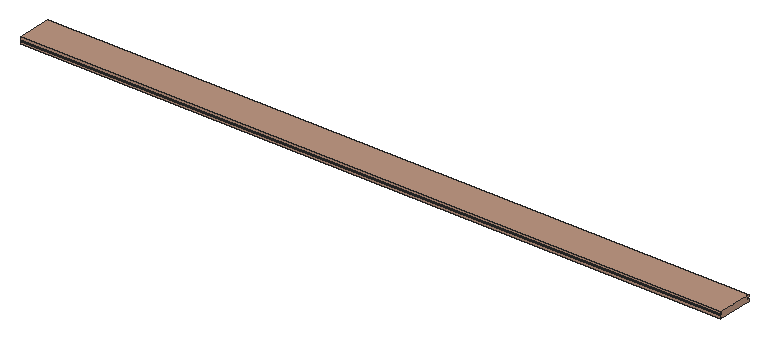
Revit family "SCI_FL_DK25-L6 T3T", category Generic Models, host Floor, Revit 2019
Family settings
  Host = Floor
  Can host rebar = No
  Round Connector Dimension = Use Diameter
  Part Type = Normal
  Always vertical = Yes
  Cut with Voids When Loaded = No
  Shared = No
  Room Calculation Point = No
Parameters
  Weight/Sheet (kg) = 13.46
  W = 140 mm
  Sub-Category = "ไม้พื้น"
  Series = "ไม้พื้นตันลักซูรี่ หน้า 6\"(Decking Luxury 6\")"
  Product code = "DK25-L6 T3 T"
  Product Type = "ไม้พื้น ภายนอก(Decking Outdoor)"
  Product Description = "https://bit.ly/2OpBM1H"
  No. of pc / sq.m. = 2.55
  Material main = WPC
  Material = Mix Teak
  Manufacturer = "SCI WOOD"
  L = 2800 mm
  Keynote = ""
  Instruction Video = "https://youtu.be/5dEMXPDnq1Y"
  D = 25 mm
  Category = "พื้น"
  Catalog = "https://bit.ly/3ftvBpc"
  Assembly Code = ""
Reference planes
  plane 1 "Center (Front/Back)": y = 0
  plane 2: z = 0
  plane 3 "Center (Left/Right)": x = 0
  plane 4: x = -1400
  plane 5: x = 1400
  plane 6: z = 25
  plane 7: y = 70
  plane 8: y = -70
  plane 9: y = 63
  plane 10: y = -63
  plane 11: z = 15.766
  plane 12: z = 9.234
  plane 13: z = 12.5
  plane 14: z = 1
Forms (mm)
  Extrusion 1, solid, material "Mix Teak" <- "Material"
    sketch origin (0, 0, 0) x (0, 1, 0) y (0, 0, 1)
      loop
        line (70, 0) -> (70, 9.234) -> (63, 9.234) -> (63, 15.766) -> (70, 15.766) -> (70, 25) -> (-70, 25) -> (-70, 15.766) -> (-63, 15.766) -> (-63, 9.234) -> (-70, 9.234) -> (-70, 0) -> (-61.066, 0) -> (-61.066, 1) -> (-59.366, 1) -> (-59.366, 0) -> (-55.592, 0) -> (-55.592, 1) -> (-53.892, 1) -> (-53.892, 0) -> (-50.118, 0) -> (-50.118, 1) -> (-48.418, 1) -> (-48.418, 0) -> (-44.643, 0) -> (-44.643, 1) -> (-42.943, 1) -> (-42.943, 0) -> (-39.169, 0) -> (-39.169, 1) -> (-37.469, 1) -> (-37.469, 0) -> (-33.695, 0) -> (-33.695, 1) -> (-31.995, 1) -> (-31.995, 0) -> (-28.221, 0) -> (-28.221, 1) -> (-26.521, 1) -> (-26.521, 0) -> (-22.747, 0) -> (-22.747, 1) -> (-21.047, 1) -> (-21.047, 0) -> (-17.273, 0) -> (-17.273, 1) -> (-15.573, 1) -> (-15.573, 0) -> (-11.798, 0) -> (-11.798, 1) -> (-10.098, 1) -> (-10.098, 0) -> (-6.324, 0) -> (-6.324, 1) -> (-4.624, 1) -> (-4.624, 0) -> (-0.85, 0) -> (-0.85, 1) -> (0.85, 1) -> (0.85, 0) -> (4.624, 0) -> (4.624, 1) -> (6.324, 1) -> (6.324, 0) -> (10.098, 0) -> (10.098, 1) -> (11.798, 1) -> (11.798, 0) -> (15.573, 0) -> (15.573, 1) -> (17.273, 1) -> (17.273, 0) -> (21.047, 0) -> (21.047, 1) -> (22.747, 1) -> (22.747, 0) -> (26.521, 0) -> (26.521, 1) -> (28.221, 1) -> (28.221, 0) -> (31.995, 0) -> (31.995, 1) -> (33.695, 1) -> (33.695, 0) -> (37.469, 0) -> (37.469, 1) -> (39.169, 1) -> (39.169, 0) -> (42.943, 0) -> (42.943, 1) -> (44.643, 1) -> (44.643, 0) -> (48.418, 0) -> (48.418, 1) -> (50.118, 1) -> (50.118, 0) -> (53.892, 0) -> (53.892, 1) -> (55.592, 1) -> (55.592, 0) -> (59.366, 0) -> (59.366, 1) -> (61.066, 1) -> (61.066, 0) -> (70, 0)
    from -1400 to 1400
Dimensions and locks
  equal spacing: plane 5, plane 3 "Center (Left/Right)", plane 4
  "L": plane 5 to plane 4
  "D": plane 6 to plane 2
  equal spacing: plane 7, plane 1 "Center (Front/Back)", plane 8
  "W": plane 7 to plane 8
  locked: plane 7 to plane 9 at 7
  locked: plane 10 to plane 8 at 7
  equal spacing: plane 6, plane 13, plane 2
  plane 6 to plane 11 = 9.234 mm
  equal spacing: plane 11, plane 13, plane 12, locked at 3.266 each
  locked: plane 11 to plane 12 at 6.531
  plane 12 to plane 2 = 9.234 mm
  plane 14 to plane 2 = 1 mm
  aligned and locked: level to plane 2
  aligned and locked: plane 5 to Extrusion 1
  aligned and locked: Extrusion 1 to plane 4
  aligned and locked: plane 7 to Extrusion 1 sketch curve  (x2)
  aligned and locked: Extrusion 1 sketch curve to plane 8  (x2)
  aligned and locked: plane 6 to Extrusion 1 sketch curve
  aligned and locked: Extrusion 1 sketch curve to plane 9
  aligned and locked: Extrusion 1 sketch curve to plane 10
  aligned and locked: Extrusion 1 sketch curve to plane 11
  aligned and locked: Extrusion 1 sketch curve to plane 12
  aligned and locked: plane 11 to Extrusion 1 sketch curve
  aligned and locked: plane 12 to Extrusion 1 sketch curve
Automatic sketch dimensions
  Extrusion 1 sketch curve to plane 14 = 0 mm  (x23)
  Extrusion 1 sketch curve to level = 0 mm  (x24)
  Extrusion 1 sketch curve to plane 7 = 0 mm  (x2)
  Extrusion 1 sketch curve to plane 10 = 1.934 mm
  Extrusion 1 sketch curve to Extrusion 1 sketch curve = 1.7 mm  (x22)
  Extrusion 1 sketch curve to Extrusion 1 sketch curve = 3.774 mm  (x20)
  plane 1 "Center (Front/Back)" to Extrusion 1 sketch curve = 0.85 mm
  Extrusion 1 sketch curve to plane 1 "Center (Front/Back)" = 0.85 mm
  plane 9 to Extrusion 1 sketch curve = 3.634 mm
